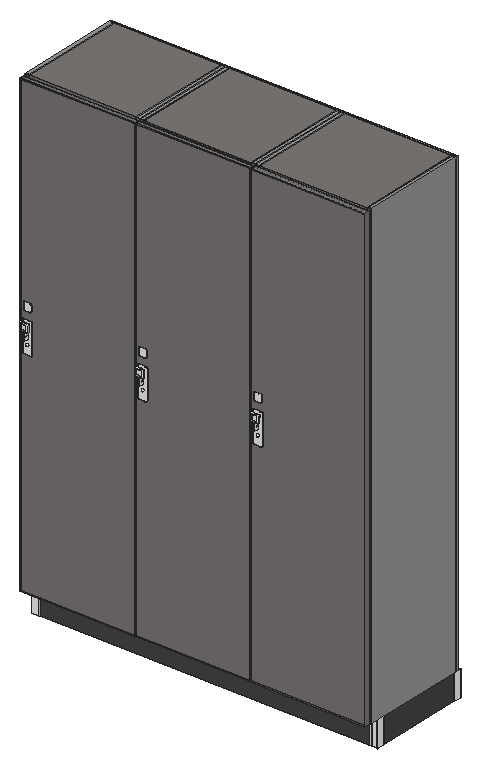
Revit family "Wood_Lockers_Hasps-Salsbury_Industries-18_41000_Series-3_Wide_Units.rfa", category Specialty Equipment, Revit 2016
Family settings
  Part Type = Normal
  Round Connector Dimension = Use Diameter
  OmniClass Number = 23.40.00.00
  OmniClass Title = Equipment and Furnishings
  Work Plane-Based = No
  Always vertical = Yes
  Cut with Voids When Loaded = No
  Shared = No
  Room Calculation Point = No
Parameters (values of type "18-41368")
  Width = 54.000"
  Version = "1.0 (01/31/24)"
  Unit Height including Sloping Hood Only [instance] = 78.868"
  Unit Height including Base Only [instance] = 76.000"
  URL = "www.lockers.com"
  Type Comments = "Premier Wood Lockers - Single Tier - with Hasps"
  Total Doors Height [instance] = if(Unit Height = 72.000", 71.750", if(Unit Height = 60.000", 59.750", 0.000"))  # 71.750"
  Sloping Top Corner Filler - Right Side [instance] = Wood Locker Sloping Corner Fillers : None
  Sloping Top Corner Filler - Left Side [instance] = Wood Locker Sloping Corner Fillers : None
  Sloping In-Line Filler - Right Side [instance] = Wood Locker Sloping In-Line Fillers : None
  Sloping In-Line Filler - Left Side = Wood Locker Sloping In-Line Fillers : None
  Sloping Hood Height = if(Depth = 15.000", 5.743", if(Depth = 18.000", 6.868", if(Depth = 21.000", 7.993", if(Depth = 24.000", 9.118", 0.000"))))  # 6.868"
  Sloping Hood [instance] = Wood Locker Sloping Hoods : None
  Side Panel without Slope - Right Side [instance] = Wood Locker Side Panels-No Slope : None
  Side Panel without Slope - Left Side [instance] = Wood Locker Side Panels-No Slope : None
  Side Panel with Slope - Right Side [instance] = Wood Locker Side Panels-With Slope : None
  Side Panel with Slope - Left Side [instance] = Wood Locker Side Panels-With Slope : None
  Secondary Structure Materials = Particle Board Industrial Grade - Salsbury Finish - Black Melamine Overlay
  Primary Structure Materials = Particle Board Industrial Grade - Salsbury Finish - Plain
  Overall Unit Height including Base and Sloping Hood [instance] = 82.868"
  OmniClass 23 Title = "Equipment and Furnishings"
  OmniClass 23 Number = "23.40.00.00"
  Model = "18-41368"
  MasterFormat Title = "Lockers"
  MasterFormat Code = "10 51 23"
  Manufacturer = "Salsbury Industries"
  Laminate Surface [instance] = Industrial Grade Particleboard with Wood Laminate - Salsbury Finish - Skyline Walnut
  Unit Height = 72.000"
  Interior Material = Textured Melamine - Salsbury Finish - White
  Individual Door Width [instance] = 17.875"
  Hardware = Aluminum - Salsbury Finish - Black Satin
  Front Vertical Filler - Right Side [instance] = Wood Locker Front Fillers : None
  Front Vertical Filler - Left Side [instance] = Wood Locker Front Fillers : None
  Front Corner Filler - Right Side [instance] = Wood Locker Front Corner Filler : None
  Front Corner Filler - Left Side [instance] = Wood Locker Front Corner Filler : None
  Flat Top In-Line Filler - Right Side [instance] = Wood Locker Flat In-Line Fillers : None
  Flat Top In-Line Filler - Left Side [instance] = Wood Locker Flat In-Line Fillers : None
  Flat Top Corner Filler - Right Side [instance] = Wood Locker Flat Corner Fillers : None
  Flat Top Corner Filler - Left Side [instance] = Wood Locker Flat Corner Fillers : None
  Fascia Filler [instance] = Wood Locker Fascia Fillers : None
  Double Side Panel without Slope - Right Side [instance] = Wood Locker Double Side Panels-No Slope : None
  Double Side Panel without Slope - Left Side [instance] = Wood Locker Double Side Panels-No Slope : None
  Double Side Panel with Slope - Right Side [instance] = Wood Locker Double Side Panels-With Slope : None
  Double Side Panel with Slope - Left Side [instance] = Wood Locker Double Side Panels-With Slope : None
  Door Location D1 = Premier Locker Doors_Hasp : Single Tier Door for Six Foot High Locker
  Description = "3 Wide - 6 Feet High - 18 inches Deep - with Base"
  Depth = 18.000"
  Compartment Width [instance] = 16.750"
  Compartment Height [instance] = if(Unit Height = 72.000", 70.500", if(Unit Height = 60.000", 58.500", 0.000"))  # 70.500"
  Compartment Depth [instance] = 16.750"
  Base Material [instance] = Particle Board Industrial Grade - Salsbury Finish - Black Melamine Overlay
  Base Height = 4.000"
  Base Depth [instance] = 16.250"
  Base = Wood Locker Bases : Base - 54" W x 18" D Lockers
  Assembly Code = "C1030310"
Reference planes (in)
  plane 1 "Center (Front/Back)": y = 0
  plane 2: z = 0
  plane 3 "Center (Left/Right)": x = 0
  plane 4 "Right Side of Unit": x = 27
  plane 5 "Left Side of Unit": x = -27
  plane 6 "Back of Unit": y = 9
  plane 7 "Front of Unit": y = -9
  plane 8 "Bottom of Base": z = 0
  plane 9 "Top Edge of Unit": z = 76
  plane 10 "Top of Base Edge": z = 4
  plane 11: z = 82.868
  plane 12 "Right Compartment 3 Edge": x = 26.406
  plane 13 "Left Compartment 1 Edge": x = -26.406
  plane 14 "Front Melamine Edge": y = -8
  plane 15 "Back Compartment Edge": y = 8.781
  plane 16 "Front Compartment Edge": y = -7.969
  plane 17 "Front Edge of Base": y = -6.625
  plane 18 "Bottom Edge of Door": z = 4.125
  plane 19 "Top Edge of Door": z = 75.875
  plane 20 "Bottom Compartment Edge": z = 4.75
  plane 21 "Top Compartment Edge": z = 75.25
  plane 22 "Center Top and Bottom": z = 40
  plane 23 "Left Melamine 1 Edge": x = -26.375
  plane 24 "Right Melamine 3 Edge": x = 26.375
  plane 25 "Back Melamine Edge": y = 8.75
  plane 26 "Left Edge of Door": x = -26.875
  plane 27: y = 9.625
  plane 28: y = -7.25
  plane 29 "Base / Ventillation Alignment": y = 9.625
  plane 30 "Compartment 1-2 Dividing Line": x = -9
  plane 31 "Compartment 2-3 Dividing Line": x = 9
  plane 32 "Right Compartment 1 Edge": x = -9.594
  plane 33 "Right Melamine 1 Edge": x = -9.625
  plane 34 "Left Compartment 2 Edge": x = -8.406
  plane 35 "Left Melamine 2 Edge": x = -8.375
  plane 36 "Right Compartment 2 Edge": x = 8.406
  plane 37 "Right Melamine 2 Edge": x = 8.375
  plane 38 "Left Compartment 3 Edge": x = 9.594
  plane 39 "Left Melamine 3 Edge": x = 9.625
  plane 40 "Compartment Shelf-top": z = 64.125
  plane 41 "Compartment Shelf-bottom": z = 63.375
  plane 42 "Compartment Extrusion Guide": z = 3.5
  plane 43 "Vertical Center of Compartment 1": x = -18
  plane 44 "Vertical Center of Compartment 3": x = 18
  plane 45: z = 75.281
  plane 46: z = 4.719
  plane 47: z = 63.406
  plane 48: z = 64.094
  plane 49 "Top of 5" Shelf": z = 58.875
  plane 50 "Bottom of 5" Shelf": z = 58.125
  plane 51 "Top of Shoe Shelf": z = 13.75
  plane 52 "Bottom of Shoe Shelf": z = 13
  plane 53 "Front of 5" Shelf": y = 3.75
  plane 54: y = 3.781
  plane 55: z = 58.844
  plane 56: z = 58.156
  plane 57: y = -2.969
  plane 58 "Front of Shoe Shelf": y = -3
Forms (in)
  Extrusion 1, solid, material "Particle Board Industrial Grade - Salsbury Finish - Plain" <- "Primary Structure Materials"
    sketch origin (27, 0, 0) x (0, -1, 0) y (0, 0, 1)
      loop
        line (7.969, 76) -> (-8.75, 76) -> (-8.75, 4) -> (7.969, 4) -> (7.969, 76)
    from 0 to 0.594
  Extrusion 2, solid, material "Particle Board Industrial Grade - Salsbury Finish - Plain" <- "Primary Structure Materials"
    sketch origin (-27, 0, 0) x (0, -1, 0) y (0, 0, 1)
      loop
        line (-8.75, 76) -> (-8.75, 4) -> (7.969, 4) -> (7.969, 76) -> (-8.75, 76)
    from 0 to -0.594
  Extrusion 3, solid, material "Particle Board Industrial Grade - Salsbury Finish - Black Melamine Overlay" <- "Secondary Structure Materials"
    sketch origin (0, 0, 4) x (0, -1, 0) y (1, 0, 0)
      loop
        line (-8.75, -26.375) -> (7.969, -26.375) -> (7.969, 26.375) -> (-8.75, 26.375) -> (-8.75, -26.375)
    from 0 to 0.719
  Extrusion 4, solid, material "Industrial Grade Particleboard with Wood Laminate - Salsbury Finish - Skyline Walnut" <- "Laminate Surface"
    sketch origin (0, 0, 76) x (0, -1, 0) y (1, 0, 0)
      loop
        line (-8.75, -26.375) -> (7.969, -26.375) -> (7.969, 26.375) -> (-8.75, 26.375) -> (-8.75, -26.375)
    from 0 to -0.75
  Extrusion 5, solid, material "Particle Board Industrial Grade - Salsbury Finish - Plain" <- "Primary Structure Materials"
    sketch origin (0, 9, 0) x (1, 0, 0) y (0, 0, 1)
      loop
        line (-27, 76) -> (-27, 4) -> (27, 4) -> (27, 76) -> (-27, 76)
    from 0 to 0.219
  Extrusion 6, solid, material "Industrial Grade Particleboard with Wood Laminate - Salsbury Finish - Skyline Walnut" <- "Laminate Surface"
    sketch origin (0, -7.969, 0) x (1, 0, 0) y (0, 0, 1)
      loop
        line (-27, 76) -> (-27, 4) -> (-26.375, 4) -> (-26.375, 76) -> (-27, 76)
    from 0 to 0.031
  Extrusion 7, solid, material "Industrial Grade Particleboard with Wood Laminate - Salsbury Finish - Skyline Walnut" <- "Laminate Surface"
    sketch origin (0, -7.969, 0) x (-1, 0, 0) y (0, 0, -1)
      loop
        line (-27, -76) -> (-26.375, -76) -> (-26.375, -4) -> (-27, -4) -> (-27, -76)
    from 0 to 0.031
  Extrusion 8, solid, material "Textured Melamine - Salsbury Finish - White" <- "Interior Material"
    sketch origin (0, 8.75, 0) x (1, 0, 0) y (0, 0, 1)
      loop
        line (-27, 76) -> (-27, 4) -> (27, 4) -> (27, 76) -> (-27, 76)
    from -0.031 to 0
  Extrusion 9, solid, material "Textured Melamine - Salsbury Finish - White" <- "Interior Material"
    sketch origin (-26.406, 0, 0) x (0, -1, 0) y (0, 0, 1)
      loop
        line (-8.75, 76) -> (-8.75, 4) -> (7.969, 4) -> (7.969, 76) -> (-8.75, 76)
    from 0 to -0.031
  Extrusion 10, solid, material "Textured Melamine - Salsbury Finish - White" <- "Interior Material"
    sketch origin (26.406, 0, 0) x (0, -1, 0) y (0, 0, 1)
      loop
        line (7.969, 76) -> (-8.75, 76) -> (-8.75, 4) -> (7.969, 4) -> (7.969, 76)
    from 0 to 0.031
  Extrusion 11, solid, material "Particle Board Industrial Grade - Salsbury Finish - Plain" <- "Primary Structure Materials", detail levels fine
    sketch origin (0, 0, 64.125) x (0, -1, 0) y (1, 0, 0)
      loop
        line (-8.75, -26.375) -> (7.969, -26.375) -> (7.969, 26.375) -> (-8.75, 26.375) -> (-8.75, -26.375)
    from -0.031 to -0.719
  Extrusion 12, void
    sketch origin (0, 0, 76) x (0, -1, 0) y (1, 0, 0)
      loop
        line (-8.75, -9.625) -> (8, -9.625) -> (8, -8.375) -> (-8.75, -8.375) -> (-8.75, -9.625)
    from -72.5 to 0
  Extrusion 13, void
    sketch origin (12, 0, 76) x (0, -1, 0) y (1, 0, 0)
      loop
        line (-8.75, -3.625) -> (8, -3.625) -> (8, -2.375) -> (-8.75, -2.375) -> (-8.75, -3.625)
    from -72.5 to 0
  Extrusion 14, solid, material "Particle Board Industrial Grade - Salsbury Finish - Plain" <- "Primary Structure Materials"
    sketch origin (6.0625, 0, 0) x (0, -1, 0) y (0, 0, 1)
      loop
        line (7.969, 76) -> (-8.75, 76) -> (-8.75, 4) -> (7.969, 4) -> (7.969, 76)
    from -2.9375 to -2.3435
  Extrusion 15, solid, material "Textured Melamine - Salsbury Finish - White" <- "Interior Material"
    sketch origin (5.4685, 0, 0) x (0, -1, 0) y (0, 0, 1)
      loop
        line (7.969, 76) -> (-8.75, 76) -> (-8.75, 4) -> (7.969, 4) -> (7.969, 76)
    from -2.9375 to -2.9065
  Extrusion 16, solid, material "Particle Board Industrial Grade - Salsbury Finish - Plain" <- "Primary Structure Materials"
    sketch origin (-5.9375, 0, 0) x (0, -1, 0) y (0, 0, 1)
      loop
        line (7.969, 76) -> (-8.75, 76) -> (-8.75, 4) -> (7.969, 4) -> (7.969, 76)
    from 3.0625 to 3.6565
  Extrusion 17, solid, material "Textured Melamine - Salsbury Finish - White" <- "Interior Material"
    sketch origin (-6.5315, 0, 0) x (0, -1, 0) y (0, 0, 1)
      loop
        line (7.969, 76) -> (-8.75, 76) -> (-8.75, 4) -> (7.969, 4) -> (7.969, 76)
    from 3.0625 to 3.0935
  Extrusion 18, solid, material "Particle Board Industrial Grade - Salsbury Finish - Plain" <- "Primary Structure Materials"
    sketch origin (-5.9375, 0, 0) x (0, -1, 0) y (0, 0, 1)
      loop
        line (-8.75, 76) -> (-8.75, 4) -> (7.969, 4) -> (7.969, 76) -> (-8.75, 76)
    from 3.0625 to 2.4685
  Extrusion 19, solid, material "Textured Melamine - Salsbury Finish - White" <- "Interior Material"
    sketch origin (-5.3435, 0, 0) x (0, -1, 0) y (0, 0, 1)
      loop
        line (-8.75, 76) -> (-8.75, 4) -> (7.969, 4) -> (7.969, 76) -> (-8.75, 76)
    from 3.0625 to 3.0315
  Extrusion 20, solid, material "Particle Board Industrial Grade - Salsbury Finish - Plain" <- "Primary Structure Materials"
    sketch origin (6.0625, 0, 0) x (0, -1, 0) y (0, 0, 1)
      loop
        line (-8.75, 76) -> (-8.75, 4) -> (7.969, 4) -> (7.969, 76) -> (-8.75, 76)
    from -2.9375 to -3.5315
  Extrusion 21, solid, material "Textured Melamine - Salsbury Finish - White" <- "Interior Material"
    sketch origin (6.6565, 0, 0) x (0, -1, 0) y (0, 0, 1)
      loop
        line (-8.75, 76) -> (-8.75, 4) -> (7.969, 4) -> (7.969, 76) -> (-8.75, 76)
    from -2.9375 to -2.9685
  Extrusion 22, solid, material "Industrial Grade Particleboard with Wood Laminate - Salsbury Finish - Skyline Walnut" <- "Laminate Surface"
    sketch origin (11.375, -7.969, 0) x (1, 0, 0) y (0, 0, 1)
      loop
        line (-21, 76) -> (-21, 4) -> (-19.75, 4) -> (-19.75, 76) -> (-21, 76)
    from 0 to 0.031
  Extrusion 23, solid, material "Industrial Grade Particleboard with Wood Laminate - Salsbury Finish - Skyline Walnut" <- "Laminate Surface"
    sketch origin (23.375, -7.969, 0) x (1, 0, 0) y (0, 0, 1)
      loop
        line (-15, 76) -> (-15, 4) -> (-13.75, 4) -> (-13.75, 76) -> (-15, 76)
    from 0 to 0.031
  Extrusion 24, solid, material "Industrial Grade Particleboard with Wood Laminate - Salsbury Finish - Skyline Walnut" <- "Laminate Surface"
    sketch origin (0, -8, 0) x (1, 0, 0) y (0, 0, 1)
      loop
        line (-26.375, 76) -> (-26.375, 75.25) -> (-9.625, 75.25) -> (-9.625, 76) -> (-26.375, 76)
      loop
        line (-8.375, 76) -> (-8.375, 75.25) -> (8.375, 75.25) -> (8.375, 76) -> (-8.375, 76)
      loop
        line (9.625, 76) -> (9.625, 75.25) -> (26.375, 75.25) -> (26.375, 76) -> (9.625, 76)
    from -0.031 to 0
  Extrusion 25, solid, material "Industrial Grade Particleboard with Wood Laminate - Salsbury Finish - Skyline Walnut" <- "Laminate Surface"
    sketch origin (0, -8, -11.875) x (1, 0, 0) y (0, 0, 1)
      loop
        line (-26.375, 76) -> (-26.375, 75.25) -> (-9.625, 75.25) -> (-9.625, 76) -> (-26.375, 76)
      loop
        line (-8.375, 76) -> (-8.375, 75.25) -> (8.375, 75.25) -> (8.375, 76) -> (-8.375, 76)
      loop
        line (9.625, 76) -> (9.625, 75.25) -> (26.375, 75.25) -> (26.375, 76) -> (9.625, 76)
    from -0.031 to 0
  Extrusion 26, solid, material "Industrial Grade Particleboard with Wood Laminate - Salsbury Finish - Skyline Walnut" <- "Laminate Surface"
    sketch origin (0, -8, -71.25) x (1, 0, 0) y (0, 0, 1)
      loop
        line (-26.375, 76) -> (-26.375, 75.25) -> (-9.625, 75.25) -> (-9.625, 76) -> (-26.375, 76)
      loop
        line (-8.375, 76) -> (-8.375, 75.25) -> (8.375, 75.25) -> (8.375, 76) -> (-8.375, 76)
      loop
        line (9.625, 76) -> (9.625, 75.25) -> (26.375, 75.25) -> (26.375, 76) -> (9.625, 76)
    from -0.031 to 0
  Extrusion 27, solid, material "Textured Melamine - Salsbury Finish - White" <- "Interior Material"
    sketch origin (0, 0, 4.75) x (0, -1, 0) y (1, 0, 0)
      loop
        line (-8.75, -26.375) -> (7.969, -26.375) -> (7.969, 26.375) -> (-8.75, 26.375) -> (-8.75, -26.375)
    from -0.031 to 0
  Extrusion 28, solid, material "Textured Melamine - Salsbury Finish - White" <- "Interior Material"
    sketch origin (0, 0, 64.125) x (0, -1, 0) y (1, 0, 0)
      loop
        line (-8.75, -26.375) -> (7.969, -26.375) -> (7.969, 26.375) -> (-8.75, 26.375) -> (-8.75, -26.375)
    from -0.031 to 0
  Extrusion 29, solid, material "Textured Melamine - Salsbury Finish - White" <- "Interior Material"
    sketch origin (0, 0, 63.375) x (0, -1, 0) y (1, 0, 0)
      loop
        line (-8.75, -26.375) -> (7.969, -26.375) -> (7.969, 26.375) -> (-8.75, 26.375) -> (-8.75, -26.375)
    from 0 to 0.031
  Extrusion 30, solid, material "Particle Board Industrial Grade - Salsbury Finish - Plain" <- "Primary Structure Materials", detail levels fine
    sketch origin (0, 0, 58.875) x (0, -1, 0) y (1, 0, 0)
      loop
        line (-8.75, -26.375) -> (-3.781, -26.375) -> (-3.781, 26.375) -> (-8.75, 26.375) -> (-8.75, -26.375)
    from -0.031 to -0.719
  Extrusion 31, solid, material "Industrial Grade Particleboard with Wood Laminate - Salsbury Finish - Skyline Walnut" <- "Laminate Surface"
    sketch origin (0, 3.75, 0) x (1, 0, 0) y (0, 0, 1)
      loop
        line (-26.375, 58.875) -> (-26.375, 58.125) -> (-9.625, 58.125) -> (-9.625, 58.875) -> (-26.375, 58.875)
      loop
        line (-8.375, 58.875) -> (-8.375, 58.125) -> (8.375, 58.125) -> (8.375, 58.875) -> (-8.375, 58.875)
      loop
        line (9.625, 58.875) -> (9.625, 58.125) -> (26.375, 58.125) -> (26.375, 58.875) -> (9.625, 58.875)
    from -0.031 to 0
  Extrusion 32, solid, material "Textured Melamine - Salsbury Finish - White" <- "Interior Material"
    sketch origin (0, 0, 58.875) x (0, -1, 0) y (1, 0, 0)
      loop
        line (-8.75, -26.375) -> (-3.781, -26.375) -> (-3.781, 26.375) -> (-8.75, 26.375) -> (-8.75, -26.375)
    from -0.031 to 0
  Extrusion 33, solid, material "Textured Melamine - Salsbury Finish - White" <- "Interior Material"
    sketch origin (0, 0, 58.125) x (0, -1, 0) y (1, 0, 0)
      loop
        line (-8.75, -26.375) -> (-3.781, -26.375) -> (-3.781, 26.375) -> (-8.75, 26.375) -> (-8.75, -26.375)
    from 0 to 0.031
  Extrusion 34, solid, material "Particle Board Industrial Grade - Salsbury Finish - Black Melamine Overlay" <- "Secondary Structure Materials", detail levels fine
    sketch origin (0, 0, 13.75) x (0, -1, 0) y (1, 0, 0)
      loop
        line (-8.75, -26.375) -> (2.969, -26.375) -> (2.969, 26.375) -> (-8.75, 26.375) -> (-8.75, -26.375)
    from -0.031 to -0.719
  Extrusion 35, solid, material "Industrial Grade Particleboard with Wood Laminate - Salsbury Finish - Skyline Walnut" <- "Laminate Surface"
    sketch origin (0, -3, 0) x (1, 0, 0) y (0, 0, 1)
      loop
        line (-26.375, 13.75) -> (-26.375, 13) -> (-9.625, 13) -> (-9.625, 13.75) -> (-26.375, 13.75)
      loop
        line (-8.375, 13.75) -> (-8.375, 13) -> (8.375, 13) -> (8.375, 13.75) -> (-8.375, 13.75)
      loop
        line (9.625, 13.75) -> (9.625, 13) -> (26.375, 13) -> (26.375, 13.75) -> (9.625, 13.75)
    from -0.031 to 0
  Extrusion 36, solid, material "Textured Melamine - Salsbury Finish - White" <- "Interior Material"
    sketch origin (0, 0, 13.75) x (0, -1, 0) y (1, 0, 0)
      loop
        line (-8.75, -26.375) -> (2.969, -26.375) -> (2.969, 26.375) -> (-8.75, 26.375) -> (-8.75, -26.375)
    from -0.031 to 0
  Extrusion 37, solid, material "Textured Melamine - Salsbury Finish - White" <- "Interior Material"
    sketch origin (0, 0, 13) x (0, -1, 0) y (1, 0, 0)
      loop
        line (-8.75, -26.375) -> (2.969, -26.375) -> (2.969, 26.375) -> (-8.75, 26.375) -> (-8.75, -26.375)
    from 0 to 0.031
Cuts and joins
  Extrusion 12, Extrusion 13 cuts Extrusion 4
  Extrusion 12, Extrusion 13 cuts Extrusion 11
  Extrusion 12, Extrusion 13 cuts Extrusion 3
  Extrusion 13 cuts Extrusion 8
Lines and regions (in)
  symbolic lines
    curve 1: line (-27, 8.75, 76) -> (27.00006, 8.75, 76)
    curve 2: line (-27, 8.75, 0) -> (-27, 8.75, 76)
    curve 3: line (27.00006, 8.75, 76) -> (27.00006, 8.75, 0)
    curve 4: line (26.406, -8, 76) -> (26.406, 9.625, 76)
    curve 5: line (26.406, -8, 0) -> (26.406, -8, 76)
    curve 6: line (26.406, 9.625, 76) -> (26.406, 9.625, 0)
    curve 7: line (27.00006, 8.75, 0) -> (-27, 8.75, 0)
    curve 8: line (26.406, -6.625, 0) -> (26.406, 9.625, 0)
    curve 9: line (26.406, 9.625, 0) -> (26.406, -6.625, 0)
    curve 10: line (26.406, -8, 0) -> (26.406, 9.625, 0)
    curve 11: line (-27, 9.625, 0) -> (27, 9.625, 0)
    curve 12: line (-27, -8, 0) -> (-27, 9.625, 0)
    curve 13: line (27, -8, 0) -> (-27, -8, 0)
    curve 14: line (27, 9.625, 0) -> (27, -8, 0)
Dimensions and locks (in)
  equal spacing: plane 5 "Left Side of Unit", plane 43 "Vertical Center of Compartment 1", plane 30 "Compartment 1-2 Dividing Line", plane 3 "Center (Left/Right)", plane 31 "Compartment 2-3 Dividing Line", plane 44 "Vertical Center of Compartment 3", plane 4 "Right Side of Unit"
  "Width": plane 5 "Left Side of Unit" to plane 4 "Right Side of Unit"
  equal spacing: plane 7 "Front of Unit", plane 1 "Center (Front/Back)", plane 6 "Back of Unit"
  "Depth": plane 7 "Front of Unit" to plane 6 "Back of Unit"
  "Base Height": plane 10 "Top of Base Edge" to plane 8 "Bottom of Base"
  "Unit Height": plane 9 "Top Edge of Unit" to plane 10 "Top of Base Edge"
  "Sloping Hood Height": plane 11 to plane 9 "Top Edge of Unit"
  locked: plane 12 "Right Compartment 3 Edge" to plane 4 "Right Side of Unit" at 0.594
  locked: plane 5 "Left Side of Unit" to plane 13 "Left Compartment 1 Edge" at 0.594
  locked: plane 7 "Front of Unit" to plane 14 "Front Melamine Edge" at 1
  locked: plane 15 "Back Compartment Edge" to plane 6 "Back of Unit" at 0.219
  locked: plane 14 "Front Melamine Edge" to plane 16 "Front Compartment Edge" at 0.031
  plane 18 "Bottom Edge of Door" to plane 10 "Top of Base Edge" = 0.125"
  plane 9 "Top Edge of Unit" to plane 19 "Top Edge of Door" = 0.125"
  plane 20 "Bottom Compartment Edge" to plane 10 "Top of Base Edge" = 0.750"
  plane 9 "Top Edge of Unit" to plane 21 "Top Compartment Edge" = 0.750"
  equal spacing: plane 9 "Top Edge of Unit", plane 22 "Center Top and Bottom", plane 10 "Top of Base Edge"
  locked: plane 24 "Right Melamine 3 Edge" to plane 12 "Right Compartment 3 Edge" at 0.031
  locked: plane 13 "Left Compartment 1 Edge" to plane 23 "Left Melamine 1 Edge" at 0.031
  locked: plane 25 "Back Melamine Edge" to plane 15 "Back Compartment Edge" at 0.031
  locked: plane 5 "Left Side of Unit" to plane 26 "Left Edge of Door" at 0.125
  "Individual Door Width": plane 26 "Left Edge of Door" to plane 30 "Compartment 1-2 Dividing Line"
  "Total Doors Height": plane 19 "Top Edge of Door" to plane 18 "Bottom Edge of Door"
  "Unit Height including Base Only": plane 9 "Top Edge of Unit" to plane 8 "Bottom of Base"
  "Unit Height including Sloping Hood Only": plane 11 to plane 10 "Top of Base Edge"
  "Overall Unit Height including Base and Sloping Hood": plane 11 to plane 8 "Bottom of Base"
  locked: plane 7 "Front of Unit" to plane 17 "Front Edge of Base" at 2.375
  locked: plane 6 "Back of Unit" to plane 27 at 0.625
  "Base Depth": plane 17 "Front Edge of Base" to plane 27
  "Compartment Width": plane 23 "Left Melamine 1 Edge" to plane 33 "Right Melamine 1 Edge"
  "Compartment Height": plane 21 "Top Compartment Edge" to plane 20 "Bottom Compartment Edge"
  "Compartment Depth": plane 14 "Front Melamine Edge" to plane 25 "Back Melamine Edge"
  locked: plane 14 "Front Melamine Edge" to plane 28 at 0.75
  plane 14 "Front Melamine Edge" to plane 27 = 17.625"
  Extrusion 2 to Extrusion 9 = 16.719"
  plane 6 "Back of Unit" to plane 29 "Base / Ventillation Alignment" = 0.625"
  plane 32 "Right Compartment 1 Edge" to plane 30 "Compartment 1-2 Dividing Line" to plane 34 "Left Compartment 2 Edge" = 0.594" locked, 0.594" locked
  plane 36 "Right Compartment 2 Edge" to plane 31 "Compartment 2-3 Dividing Line" to plane 38 "Left Compartment 3 Edge" = 0.594" locked, 0.594" locked
  locked: plane 37 "Right Melamine 2 Edge" to plane 36 "Right Compartment 2 Edge" at 0.031
  locked: plane 38 "Left Compartment 3 Edge" to plane 39 "Left Melamine 3 Edge" at 0.031
  locked: plane 34 "Left Compartment 2 Edge" to plane 35 "Left Melamine 2 Edge" at 0.031
  plane 33 "Right Melamine 1 Edge" to plane 32 "Right Compartment 1 Edge" = 0.031"
  locked: plane 21 "Top Compartment Edge" to plane 40 "Compartment Shelf-top" at 11.125
  locked: plane 40 "Compartment Shelf-top" to plane 41 "Compartment Shelf-bottom" at 0.75
  locked: plane 10 "Top of Base Edge" to plane 42 "Compartment Extrusion Guide" at 0.5
  plane 45 to plane 21 "Top Compartment Edge" = 0.031"
  locked: plane 20 "Bottom Compartment Edge" to plane 46 at 0.031
  plane 40 "Compartment Shelf-top" to plane 48 = 0.031"
  locked: plane 47 to plane 41 "Compartment Shelf-bottom" at 0.031
  locked: plane 41 "Compartment Shelf-bottom" to plane 49 "Top of 5" Shelf" at 4.5
  locked: plane 49 "Top of 5" Shelf" to plane 50 "Bottom of 5" Shelf" at 0.75
  locked: plane 53 "Front of 5" Shelf" to plane 25 "Back Melamine Edge" at 5
  locked: plane 53 "Front of 5" Shelf" to plane 54 at 0.031
  locked: plane 49 "Top of 5" Shelf" to plane 55 at 0.031
  locked: plane 56 to plane 50 "Bottom of 5" Shelf" at 0.031
  locked: plane 58 "Front of Shoe Shelf" to plane 25 "Back Melamine Edge" at 11.75
  locked: plane 58 "Front of Shoe Shelf" to plane 57 at 0.031
  plane 51 "Top of Shoe Shelf" to plane 52 "Bottom of Shoe Shelf" = 0.750"
  locked: plane 52 "Bottom of Shoe Shelf" to plane 20 "Bottom Compartment Edge" at 8.25
  aligned and locked: level to plane 2
  aligned and locked: Extrusion 5 to plane 15 "Back Compartment Edge"
  aligned and locked: plane 4 "Right Side of Unit" to nested 1
  aligned and locked: plane 18 "Bottom Edge of Door" to nested 1
  aligned and locked: plane 7 "Front of Unit" to nested 1
  aligned and locked: plane 9 "Top Edge of Unit" to nested 2
  aligned and locked: plane 28 to nested 2
  aligned and locked: plane 28 to nested 3
  aligned and locked: plane 5 "Left Side of Unit" to nested 3
  aligned and locked: plane 4 "Right Side of Unit" to nested 2
  aligned and locked: plane 9 "Top Edge of Unit" to nested 3
  aligned and locked: plane 14 "Front Melamine Edge" to nested 4
  aligned and locked: plane 4 "Right Side of Unit" to nested 4
  aligned and locked: plane 14 "Front Melamine Edge" to nested 5
  aligned and locked: plane 5 "Left Side of Unit" to nested 5
  aligned and locked: nested 4 to plane 8 "Bottom of Base"
  aligned and locked: nested 5 to plane 8 "Bottom of Base"
  aligned and locked: nested 6 to plane 5 "Left Side of Unit"
  aligned and locked: nested 7 to plane 4 "Right Side of Unit"
  aligned and locked: nested 7 to plane 14 "Front Melamine Edge"
  aligned and locked: nested 6 to plane 14 "Front Melamine Edge"
  aligned and locked: plane 8 "Bottom of Base" to nested 7
  aligned and locked: plane 8 "Bottom of Base" to nested 6
  aligned and locked: nested 8 to plane 17 "Front Edge of Base"
  aligned and locked: nested 10 to plane 9 "Top Edge of Unit"
  aligned and locked: plane 4 "Right Side of Unit" to nested 10
  aligned and locked: nested 9 to plane 9 "Top Edge of Unit"
  aligned and locked: plane 5 "Left Side of Unit" to nested 9
  aligned and locked: nested 10 to plane 28
  aligned and locked: nested 9 to plane 28
  aligned and locked: nested 8 to plane 8 "Bottom of Base"
  aligned and locked: plane 3 "Center (Left/Right)" to nested 8
  aligned and locked: Extrusion 3 sketch curve to plane 25 "Back Melamine Edge"
  aligned and locked: Extrusion 3 sketch curve to plane 23 "Left Melamine 1 Edge"
  aligned and locked: plane 24 "Right Melamine 3 Edge" to Extrusion 3 sketch curve
  aligned and locked: Extrusion 4 sketch curve to plane 25 "Back Melamine Edge"
  aligned and locked: plane 24 "Right Melamine 3 Edge" to Extrusion 4 sketch curve
  aligned and locked: Extrusion 4 sketch curve to plane 23 "Left Melamine 1 Edge"
  aligned and locked: Extrusion 2 sketch curve to plane 9 "Top Edge of Unit"
  aligned and locked: plane 16 "Front Compartment Edge" to Extrusion 2 sketch curve
  aligned and locked: Extrusion 2 sketch curve to plane 25 "Back Melamine Edge"
  aligned and locked: plane 10 "Top of Base Edge" to Extrusion 2 sketch curve
  aligned and locked: Extrusion 2 to plane 13 "Left Compartment 1 Edge"
  aligned and locked: plane 5 "Left Side of Unit" to Extrusion 2
  aligned and locked: plane 10 "Top of Base Edge" to Extrusion 9 sketch curve
  aligned and locked: Extrusion 9 sketch curve to plane 25 "Back Melamine Edge"
  aligned and locked: Extrusion 9 sketch curve to plane 9 "Top Edge of Unit"
  aligned and locked: Extrusion 1 sketch curve to plane 16 "Front Compartment Edge"
  aligned and locked: plane 9 "Top Edge of Unit" to Extrusion 1 sketch curve
  aligned and locked: Extrusion 1 sketch curve to plane 10 "Top of Base Edge"
  aligned and locked: plane 25 "Back Melamine Edge" to Extrusion 1 sketch curve
  aligned and locked: Extrusion 1 to plane 4 "Right Side of Unit"
  aligned and locked: plane 12 "Right Compartment 3 Edge" to Extrusion 1
  aligned and locked: Extrusion 10 sketch curve to plane 10 "Top of Base Edge"
  aligned and locked: plane 25 "Back Melamine Edge" to Extrusion 10 sketch curve
  aligned and locked: Extrusion 10 sketch curve to plane 16 "Front Compartment Edge"
  aligned and locked: plane 9 "Top Edge of Unit" to Extrusion 10 sketch curve
  aligned and locked: Extrusion 10 to plane 12 "Right Compartment 3 Edge"
  aligned and locked: plane 24 "Right Melamine 3 Edge" to Extrusion 10
  aligned and locked: Extrusion 8 sketch curve to plane 10 "Top of Base Edge"
  aligned and locked: plane 4 "Right Side of Unit" to Extrusion 8 sketch curve
  aligned and locked: Extrusion 8 sketch curve to plane 9 "Top Edge of Unit"
  aligned and locked: Extrusion 8 sketch curve to plane 5 "Left Side of Unit"
  aligned and locked: Extrusion 8 to plane 15 "Back Compartment Edge"
  aligned and locked: Extrusion 8 to plane 25 "Back Melamine Edge"
  aligned and locked: Extrusion 5 sketch curve to plane 9 "Top Edge of Unit"
  aligned and locked: Extrusion 5 sketch curve to plane 5 "Left Side of Unit"
  aligned and locked: Extrusion 5 sketch curve to plane 10 "Top of Base Edge"
  aligned and locked: plane 4 "Right Side of Unit" to Extrusion 5 sketch curve
  aligned and locked: Extrusion 7 sketch curve to plane 9 "Top Edge of Unit"
  aligned and locked: Extrusion 7 sketch curve to plane 4 "Right Side of Unit"
  aligned and locked: plane 24 "Right Melamine 3 Edge" to Extrusion 7 sketch curve
  aligned and locked: plane 10 "Top of Base Edge" to Extrusion 7 sketch curve
  aligned and locked: Extrusion 7 to plane 16 "Front Compartment Edge"
  aligned and locked: plane 14 "Front Melamine Edge" to Extrusion 7
  aligned and locked: plane 10 "Top of Base Edge" to Extrusion 6 sketch curve
  aligned and locked: plane 23 "Left Melamine 1 Edge" to Extrusion 6 sketch curve
  aligned and locked: Extrusion 6 sketch curve to plane 5 "Left Side of Unit"
  aligned and locked: Extrusion 6 sketch curve to plane 9 "Top Edge of Unit"
  aligned and locked: plane 16 "Front Compartment Edge" to Extrusion 6
  aligned and locked: Extrusion 6 to plane 14 "Front Melamine Edge"
  aligned and locked: Extrusion 9 to plane 16 "Front Compartment Edge"
  aligned and locked: plane 13 "Left Compartment 1 Edge" to Extrusion 9
  aligned and locked: curve 2 to nested 5
  aligned and locked: nested 4 to curve 5
  aligned and locked: curve 9 to nested 8
  aligned and locked: curve 10 to nested 4
  aligned and locked: curve 13 to plane 14 "Front Melamine Edge"
  aligned and locked: curve 12 to plane 5 "Left Side of Unit"
  aligned and locked: curve 11 to plane 29 "Base / Ventillation Alignment"
  aligned and locked: plane 29 "Base / Ventillation Alignment" to curve 6
  aligned and locked: plane 14 "Front Melamine Edge" to nested 11
  aligned and locked: plane 9 "Top Edge of Unit" to nested 11
  aligned and locked: plane 3 "Center (Left/Right)" to nested 11
  aligned and locked: Extrusion 11 sketch curve to plane 25 "Back Melamine Edge"
  aligned and locked: Extrusion 11 sketch curve to plane 23 "Left Melamine 1 Edge"
  aligned and locked: plane 24 "Right Melamine 3 Edge" to Extrusion 11 sketch curve
  aligned and locked: Extrusion 12 sketch curve to plane 25 "Back Melamine Edge"
  aligned and locked: plane 33 "Right Melamine 1 Edge" to Extrusion 12 sketch curve
  aligned and locked: plane 14 "Front Melamine Edge" to Extrusion 12 sketch curve
  aligned and locked: Extrusion 12 sketch curve to plane 35 "Left Melamine 2 Edge"
  aligned and locked: Extrusion 12 to plane 9 "Top Edge of Unit"
  aligned and locked: plane 42 "Compartment Extrusion Guide" to Extrusion 12
  aligned and locked: Extrusion 13 sketch curve to plane 37 "Right Melamine 2 Edge"
  aligned and locked: plane 39 "Left Melamine 3 Edge" to Extrusion 13 sketch curve
  aligned and locked: plane 25 "Back Melamine Edge" to Extrusion 13 sketch curve
  aligned and locked: Extrusion 13 sketch curve to plane 14 "Front Melamine Edge"
  aligned and locked: plane 42 "Compartment Extrusion Guide" to Extrusion 13
  aligned and locked: Extrusion 13 to plane 9 "Top Edge of Unit"
  aligned and locked: plane 9 "Top Edge of Unit" to Extrusion 14 sketch curve
  aligned and locked: plane 25 "Back Melamine Edge" to Extrusion 14 sketch curve
  aligned and locked: Extrusion 14 sketch curve to plane 10 "Top of Base Edge"
  aligned and locked: Extrusion 14 sketch curve to plane 16 "Front Compartment Edge"
  aligned and locked: plane 36 "Right Compartment 2 Edge" to Extrusion 14
  aligned and locked: Extrusion 14 to plane 31 "Compartment 2-3 Dividing Line"
  aligned and locked: plane 25 "Back Melamine Edge" to Extrusion 15 sketch curve
  aligned and locked: plane 9 "Top Edge of Unit" to Extrusion 15 sketch curve
  aligned and locked: Extrusion 15 sketch curve to plane 10 "Top of Base Edge"
  aligned and locked: Extrusion 15 sketch curve to plane 16 "Front Compartment Edge"
  aligned and locked: Extrusion 15 to plane 36 "Right Compartment 2 Edge"
  aligned and locked: plane 37 "Right Melamine 2 Edge" to Extrusion 15
  aligned and locked: plane 25 "Back Melamine Edge" to Extrusion 16 sketch curve
  aligned and locked: plane 9 "Top Edge of Unit" to Extrusion 16 sketch curve
  aligned and locked: Extrusion 16 sketch curve to plane 10 "Top of Base Edge"
  aligned and locked: Extrusion 16 sketch curve to plane 16 "Front Compartment Edge"
  aligned and locked: plane 32 "Right Compartment 1 Edge" to Extrusion 16
  aligned and locked: Extrusion 16 to plane 30 "Compartment 1-2 Dividing Line"
  aligned and locked: plane 25 "Back Melamine Edge" to Extrusion 17 sketch curve
  aligned and locked: plane 9 "Top Edge of Unit" to Extrusion 17 sketch curve
  aligned and locked: Extrusion 17 sketch curve to plane 10 "Top of Base Edge"
  aligned and locked: Extrusion 17 sketch curve to plane 16 "Front Compartment Edge"
  aligned and locked: Extrusion 17 to plane 32 "Right Compartment 1 Edge"
  aligned and locked: plane 33 "Right Melamine 1 Edge" to Extrusion 17
  aligned and locked: plane 10 "Top of Base Edge" to Extrusion 18 sketch curve
  aligned and locked: plane 16 "Front Compartment Edge" to Extrusion 18 sketch curve
  aligned and locked: Extrusion 18 sketch curve to plane 25 "Back Melamine Edge"
  aligned and locked: Extrusion 18 sketch curve to plane 9 "Top Edge of Unit"
  aligned and locked: Extrusion 18 to plane 34 "Left Compartment 2 Edge"
  aligned and locked: plane 30 "Compartment 1-2 Dividing Line" to Extrusion 18
  aligned and locked: Extrusion 19 sketch curve to plane 25 "Back Melamine Edge"
  aligned and locked: Extrusion 19 sketch curve to plane 9 "Top Edge of Unit"
  aligned and locked: plane 10 "Top of Base Edge" to Extrusion 19 sketch curve
  aligned and locked: plane 16 "Front Compartment Edge" to Extrusion 19 sketch curve
  aligned and locked: Extrusion 19 to plane 35 "Left Melamine 2 Edge"
  aligned and locked: plane 34 "Left Compartment 2 Edge" to Extrusion 19
  aligned and locked: plane 16 "Front Compartment Edge" to Extrusion 20 sketch curve
  aligned and locked: plane 10 "Top of Base Edge" to Extrusion 20 sketch curve
  aligned and locked: Extrusion 20 sketch curve to plane 9 "Top Edge of Unit"
  aligned and locked: Extrusion 20 sketch curve to plane 25 "Back Melamine Edge"
  aligned and locked: plane 31 "Compartment 2-3 Dividing Line" to Extrusion 20
  aligned and locked: Extrusion 20 to plane 38 "Left Compartment 3 Edge"
  aligned and locked: Extrusion 21 sketch curve to plane 25 "Back Melamine Edge"
  aligned and locked: Extrusion 21 sketch curve to plane 9 "Top Edge of Unit"
  aligned and locked: plane 10 "Top of Base Edge" to Extrusion 21 sketch curve
  aligned and locked: plane 16 "Front Compartment Edge" to Extrusion 21 sketch curve
  aligned and locked: Extrusion 21 to plane 39 "Left Melamine 3 Edge"
  aligned and locked: plane 38 "Left Compartment 3 Edge" to Extrusion 21
  aligned and locked: plane 31 "Compartment 2-3 Dividing Line" to nested 12
  aligned and locked: plane 30 "Compartment 1-2 Dividing Line" to nested 13
  aligned and locked: plane 18 "Bottom Edge of Door" to nested 12
  aligned and locked: nested 13 to plane 18 "Bottom Edge of Door"
  aligned and locked: plane 7 "Front of Unit" to nested 12
  aligned and locked: nested 13 to plane 7 "Front of Unit"
  aligned and locked: Extrusion 22 sketch curve to plane 33 "Right Melamine 1 Edge"
  aligned and locked: plane 9 "Top Edge of Unit" to Extrusion 22 sketch curve
  aligned and locked: plane 35 "Left Melamine 2 Edge" to Extrusion 22 sketch curve
  aligned and locked: Extrusion 22 sketch curve to plane 10 "Top of Base Edge"
  aligned and locked: Extrusion 22 to plane 16 "Front Compartment Edge"
  aligned and locked: plane 14 "Front Melamine Edge" to Extrusion 22
  aligned and locked: plane 9 "Top Edge of Unit" to Extrusion 23 sketch curve
  aligned and locked: Extrusion 23 sketch curve to plane 37 "Right Melamine 2 Edge"
  aligned and locked: plane 39 "Left Melamine 3 Edge" to Extrusion 23 sketch curve
  aligned and locked: Extrusion 23 sketch curve to plane 10 "Top of Base Edge"
  aligned and locked: Extrusion 23 to plane 16 "Front Compartment Edge"
  aligned and locked: plane 14 "Front Melamine Edge" to Extrusion 23
  aligned and locked: Extrusion 4 to plane 16 "Front Compartment Edge"
  aligned and locked: Extrusion 11 to plane 16 "Front Compartment Edge"
  aligned and locked: Extrusion 3 to plane 16 "Front Compartment Edge"
  aligned and locked: Extrusion 24 sketch curve to cut or joined group of Extrusion 4, Extrusion 12, Extrusion 13  (x5)
  aligned and locked: Extrusion 24 sketch curve to plane 23 "Left Melamine 1 Edge"
  aligned and locked: Extrusion 24 sketch curve to plane 35 "Left Melamine 2 Edge"
  aligned and locked: plane 9 "Top Edge of Unit" to Extrusion 24 sketch curve
  aligned and locked: Extrusion 24 sketch curve to plane 39 "Left Melamine 3 Edge"
  aligned and locked: Extrusion 24 to plane 16 "Front Compartment Edge"
  aligned and locked: Extrusion 24 to plane 14 "Front Melamine Edge"
  aligned and locked: Extrusion 25 sketch curve to plane 23 "Left Melamine 1 Edge"
  aligned and locked: Extrusion 25 sketch curve to plane 40 "Compartment Shelf-top"
  aligned and locked: Extrusion 25 sketch curve to plane 41 "Compartment Shelf-bottom"  (x3)
  aligned and locked: plane 33 "Right Melamine 1 Edge" to Extrusion 25 sketch curve
  aligned and locked: Extrusion 25 sketch curve to plane 35 "Left Melamine 2 Edge"
  aligned and locked: plane 40 "Compartment Shelf-top" to Extrusion 25 sketch curve  (x2)
  aligned and locked: plane 37 "Right Melamine 2 Edge" to Extrusion 25 sketch curve
  aligned and locked: Extrusion 25 sketch curve to plane 39 "Left Melamine 3 Edge"
  aligned and locked: plane 24 "Right Melamine 3 Edge" to Extrusion 25 sketch curve
  aligned and locked: Extrusion 26 sketch curve to plane 23 "Left Melamine 1 Edge"
  aligned and locked: Extrusion 26 sketch curve to plane 20 "Bottom Compartment Edge"
  aligned and locked: Extrusion 26 sketch curve to plane 10 "Top of Base Edge"  (x3)
  aligned and locked: plane 33 "Right Melamine 1 Edge" to Extrusion 26 sketch curve
  aligned and locked: Extrusion 26 sketch curve to plane 35 "Left Melamine 2 Edge"
  aligned and locked: plane 20 "Bottom Compartment Edge" to Extrusion 26 sketch curve  (x2)
  aligned and locked: plane 37 "Right Melamine 2 Edge" to Extrusion 26 sketch curve
  aligned and locked: plane 24 "Right Melamine 3 Edge" to Extrusion 26 sketch curve
  aligned and locked: Extrusion 24 sketch curve to plane 21 "Top Compartment Edge"
  aligned and locked: Extrusion 27 sketch curve to cut or joined group of Extrusion 4, Extrusion 12, Extrusion 13  (x2)
  aligned and locked: Extrusion 27 sketch curve to Extrusion 9
  aligned and locked: Extrusion 27 sketch curve to Extrusion 10
  aligned and locked: Extrusion 27 to plane 46
  aligned and locked: Extrusion 27 to plane 20 "Bottom Compartment Edge"
  aligned and locked: Extrusion 3 to plane 46
  aligned and locked: Extrusion 28 sketch curve to cut or joined group of Extrusion 4, Extrusion 12, Extrusion 13
  aligned and locked: Extrusion 28 sketch curve to Extrusion 10
  aligned and locked: Extrusion 28 sketch curve to plane 25 "Back Melamine Edge"
  aligned and locked: Extrusion 28 sketch curve to plane 23 "Left Melamine 1 Edge"
  aligned and locked: Extrusion 28 to plane 48
  aligned and locked: Extrusion 28 to plane 40 "Compartment Shelf-top"
  aligned and locked: Extrusion 11 to plane 48
  aligned and locked: Extrusion 11 to plane 47
  aligned and locked: Extrusion 29 sketch curve to cut or joined group of Extrusion 4, Extrusion 12, Extrusion 13  (x2)
  aligned and locked: Extrusion 29 sketch curve to Extrusion 9
  aligned and locked: Extrusion 29 sketch curve to Extrusion 10
  aligned and locked: Extrusion 29 to plane 41 "Compartment Shelf-bottom"
  aligned and locked: Extrusion 29 to cut or joined group of Extrusion 11, Extrusion 12, Extrusion 13
  aligned and locked: Extrusion 33 to plane 54
  aligned and locked: Extrusion 33 to Extrusion 32
  aligned and locked: Extrusion 32 to Extrusion 30
  aligned and locked: Extrusion 31 to Extrusion 30
  aligned and locked: Extrusion 31 to plane 53 "Front of 5" Shelf"
  aligned and locked: Extrusion 31 sketch curve to plane 49 "Top of 5" Shelf"
  aligned and locked: Extrusion 31 sketch curve to plane 23 "Left Melamine 1 Edge"
  aligned and locked: Extrusion 31 sketch curve to plane 50 "Bottom of 5" Shelf"
  aligned and locked: plane 24 "Right Melamine 3 Edge" to Extrusion 31 sketch curve
  aligned and locked: Extrusion 32 to plane 25 "Back Melamine Edge"
  aligned and locked: plane 23 "Left Melamine 1 Edge" to Extrusion 32
  aligned and locked: Extrusion 32 to plane 24 "Right Melamine 3 Edge"
  aligned and locked: Extrusion 30 to plane 24 "Right Melamine 3 Edge"
  aligned and locked: Extrusion 30 to plane 25 "Back Melamine Edge"
  aligned and locked: plane 23 "Left Melamine 1 Edge" to Extrusion 30
  aligned and locked: plane 23 "Left Melamine 1 Edge" to Extrusion 33
  aligned and locked: Extrusion 33 to plane 25 "Back Melamine Edge"
  aligned and locked: Extrusion 33 to plane 24 "Right Melamine 3 Edge"
  aligned and locked: Extrusion 36 to plane 25 "Back Melamine Edge"
  aligned and locked: plane 23 "Left Melamine 1 Edge" to Extrusion 36
  aligned and locked: Extrusion 36 to plane 24 "Right Melamine 3 Edge"
  aligned and locked: Extrusion 36 to plane 57
  aligned and locked: Extrusion 34 to Extrusion 36
  aligned and locked: Extrusion 34 to Extrusion 37
  aligned and locked: Extrusion 37 to plane 24 "Right Melamine 3 Edge"
  aligned and locked: Extrusion 37 to plane 25 "Back Melamine Edge"
  aligned and locked: plane 23 "Left Melamine 1 Edge" to Extrusion 37
  aligned and locked: plane 23 "Left Melamine 1 Edge" to Extrusion 34
  aligned and locked: Extrusion 34 to plane 25 "Back Melamine Edge"
  aligned and locked: Extrusion 34 to plane 24 "Right Melamine 3 Edge"
  aligned and locked: Extrusion 35 to plane 58 "Front of Shoe Shelf"
  aligned and locked: Extrusion 35 to Extrusion 34
  aligned and locked: Extrusion 35 sketch curve to plane 51 "Top of Shoe Shelf"
  aligned and locked: Extrusion 35 sketch curve to plane 52 "Bottom of Shoe Shelf"
  aligned and locked: Extrusion 35 sketch curve to plane 23 "Left Melamine 1 Edge"
  aligned and locked: plane 24 "Right Melamine 3 Edge" to Extrusion 35 sketch curve
  aligned and locked: plane 14 "Front Melamine Edge" to nested 14
  aligned and locked: plane 3 "Center (Left/Right)" to nested 14
  aligned and locked: plane 9 "Top Edge of Unit" to nested 14
  aligned and locked: plane 5 "Left Side of Unit" to nested 15
  aligned and locked: nested 15 to plane 10 "Top of Base Edge"
  aligned and locked: plane 14 "Front Melamine Edge" to nested 15
  aligned and locked: nested 16 to plane 10 "Top of Base Edge"
  aligned and locked: plane 4 "Right Side of Unit" to nested 16
  aligned and locked: plane 14 "Front Melamine Edge" to nested 16
  aligned and locked: plane 5 "Left Side of Unit" to nested 17
  aligned and locked: nested 17 to plane 10 "Top of Base Edge"
  aligned and locked: plane 14 "Front Melamine Edge" to nested 17
  aligned and locked: nested 18 to plane 10 "Top of Base Edge"
  aligned and locked: plane 4 "Right Side of Unit" to nested 18
  aligned and locked: plane 14 "Front Melamine Edge" to nested 18
  aligned and locked: plane 5 "Left Side of Unit" to nested 19
  aligned and locked: nested 19 to plane 10 "Top of Base Edge"
  aligned and locked: plane 14 "Front Melamine Edge" to nested 19
  aligned and locked: plane 4 "Right Side of Unit" to nested 20
  aligned and locked: nested 20 to plane 10 "Top of Base Edge"
  aligned and locked: plane 14 "Front Melamine Edge" to nested 20
  aligned and locked: plane 5 "Left Side of Unit" to nested 21
  aligned and locked: nested 21 to plane 10 "Top of Base Edge"
  aligned and locked: plane 14 "Front Melamine Edge" to nested 21
  aligned and locked: plane 4 "Right Side of Unit" to nested 22
  aligned and locked: nested 22 to plane 10 "Top of Base Edge"
  aligned and locked: plane 14 "Front Melamine Edge" to nested 22
  aligned and locked: plane 5 "Left Side of Unit" to nested 23
  aligned and locked: nested 23 to plane 9 "Top Edge of Unit"
  aligned and locked: plane 4 "Right Side of Unit" to nested 24
  aligned and locked: nested 24 to plane 9 "Top Edge of Unit"
  aligned and locked: nested 24 to plane 14 "Front Melamine Edge"
  aligned and locked: plane 5 "Left Side of Unit" to nested 25
  aligned and locked: nested 25 to plane 9 "Top Edge of Unit"
  aligned and locked: nested 25 to plane 14 "Front Melamine Edge"
  aligned and locked: nested 26 to plane 9 "Top Edge of Unit"
  aligned and locked: plane 4 "Right Side of Unit" to nested 26
  aligned and locked: nested 26 to plane 14 "Front Melamine Edge"
  aligned and locked: nested 23 to plane 14 "Front Melamine Edge"
  aligned and locked: Extrusion 4 to plane 21 "Top Compartment Edge"
Automatic sketch dimensions
  plane 16 "Front Compartment Edge" to Extrusion 3 sketch curve = 0.000"
  plane 16 "Front Compartment Edge" to Extrusion 4 sketch curve = 0.000"
  Extrusion 9 sketch curve to plane 16 "Front Compartment Edge" = 0.000"
  curve 3 to level = 0.000"
  curve 3 to plane 4 "Right Side of Unit" = 0.00006"
  curve 8 to plane 17 "Front Edge of Base" = 0.000"
  curve 9 to plane 17 "Front Edge of Base" = 0.000"
  plane 9 "Top Edge of Unit" to curve 5 = 0.000"
  curve 13 to plane 4 "Right Side of Unit" = 0.000"
  plane 16 "Front Compartment Edge" to Extrusion 11 sketch curve = 0.000"
  Extrusion 24 sketch curve to plane 21 "Top Compartment Edge" = 0.000"  (x2)
  plane 39 "Left Melamine 3 Edge" to Extrusion 26 sketch curve = 0.000"
  plane 24 "Right Melamine 3 Edge" to Extrusion 30 sketch curve = 0.000"
  plane 25 "Back Melamine Edge" to Extrusion 30 sketch curve = 0.000"
  Extrusion 30 sketch curve to plane 16 "Front Compartment Edge" = 11.750"
  Extrusion 30 sketch curve to plane 23 "Left Melamine 1 Edge" = 0.000"
  Extrusion 34 sketch curve to plane 24 "Right Melamine 3 Edge" = 0.000"
  plane 25 "Back Melamine Edge" to Extrusion 34 sketch curve = 0.000"
  Extrusion 34 sketch curve to plane 16 "Front Compartment Edge" = 5.000"
  plane 23 "Left Melamine 1 Edge" to Extrusion 34 sketch curve = 0.000"
  Extrusion 36 sketch curve to plane 24 "Right Melamine 3 Edge" = 0.000"
  plane 25 "Back Melamine Edge" to Extrusion 36 sketch curve = 0.000"
  Extrusion 36 sketch curve to plane 16 "Front Compartment Edge" = 5.000"
  Extrusion 36 sketch curve to plane 23 "Left Melamine 1 Edge" = 0.000"
  Extrusion 37 sketch curve to plane 24 "Right Melamine 3 Edge" = 0.000"
  plane 25 "Back Melamine Edge" to Extrusion 37 sketch curve = 0.000"
  Extrusion 37 sketch curve to plane 16 "Front Compartment Edge" = 5.000"
  Extrusion 37 sketch curve to plane 23 "Left Melamine 1 Edge" = 0.000"
  plane 24 "Right Melamine 3 Edge" to Extrusion 32 sketch curve = 0.000"
  plane 25 "Back Melamine Edge" to Extrusion 32 sketch curve = 0.000"
  Extrusion 32 sketch curve to plane 16 "Front Compartment Edge" = 11.750"
  plane 23 "Left Melamine 1 Edge" to Extrusion 32 sketch curve = 0.000"
  Extrusion 33 sketch curve to plane 24 "Right Melamine 3 Edge" = 0.000"
  Extrusion 33 sketch curve to plane 25 "Back Melamine Edge" = 0.000"
  Extrusion 33 sketch curve to plane 16 "Front Compartment Edge" = 11.750"
  plane 23 "Left Melamine 1 Edge" to Extrusion 33 sketch curve = 0.000"
  plane 33 "Right Melamine 1 Edge" to Extrusion 31 sketch curve = 0.000"
  plane 35 "Left Melamine 2 Edge" to Extrusion 31 sketch curve = 0.000"
  plane 37 "Right Melamine 2 Edge" to Extrusion 31 sketch curve = 0.000"
  plane 39 "Left Melamine 3 Edge" to Extrusion 31 sketch curve = 0.000"
  Extrusion 31 sketch curve to plane 50 "Bottom of 5" Shelf" = 0.000"  (x2)
  Extrusion 31 sketch curve to plane 49 "Top of 5" Shelf" = 0.000"  (x2)
  plane 33 "Right Melamine 1 Edge" to Extrusion 35 sketch curve = 0.000"
  plane 35 "Left Melamine 2 Edge" to Extrusion 35 sketch curve = 0.000"
  plane 37 "Right Melamine 2 Edge" to Extrusion 35 sketch curve = 0.000"
  plane 39 "Left Melamine 3 Edge" to Extrusion 35 sketch curve = 0.000"
  Extrusion 35 sketch curve to plane 52 "Bottom of Shoe Shelf" = 0.000"  (x2)
  Extrusion 35 sketch curve to plane 51 "Top of Shoe Shelf" = 0.000"  (x2)
  curve 3 to plane 9 "Top Edge of Unit" = 0.000"
Nested families (in)
  nested 1: "Premier Locker Doors_Hasp" at (18.0625, -8.625, 4.125), type <- "Door Location D1", type "Single Tier Door for Six Foot High Locker"
  nested 2: "Wood Locker Flat Corner Fillers" at (34.5, -3.625, 75.25), type <- "Flat Top Corner Filler - Right Side", type "None"
  nested 3: "Wood Locker Flat Corner Fillers" at (-34.5, -3.625, 75.25) x (-1, 0, 0) z (0, 0, 1), type <- "Flat Top Corner Filler - Left Side", type "None"
  nested 4: "Wood Locker Front Fillers" at (34.5, -7.625, 0), type <- "Front Vertical Filler - Right Side", type "None"
  nested 5: "Wood Locker Front Fillers" at (-34.5, -7.625, 0) x (-1, 0, 0) z (0, 0, 1), type <- "Front Vertical Filler - Left Side", type "None"
  nested 6: "Wood Locker Front Corner Filler" at (-28.125, -7.625, 0), type <- "Front Corner Filler - Left Side", type "None"
  nested 7: "Wood Locker Front Corner Filler" at (28.125, -7.625, 0) x (-1, 0, 0) z (0, 0, 1), type <- "Front Corner Filler - Right Side", type "None"
  nested 8: "Wood Locker Bases" at (0, 1.5, 0), type <- "Base", type "Base - 54" W x 18" D Lockers"
  nested 9: "Wood Locker Flat In-Line Fillers" at (-34.5, -0.625, 75.25), type <- "Flat Top In-Line Filler - Left Side", type "None"
  nested 10: "Wood Locker Flat In-Line Fillers" at (34.5, -0.625, 75.25) x (-1, 0, 0) z (0, 0, 1), type <- "Flat Top In-Line Filler - Right Side", type "None"
  nested 11: "Wood Locker Fascia Fillers" at (0, -7.625, 76), type <- "Fascia Filler", type "None"
  nested 12: "Premier Locker Doors_Hasp" at (0.0625, -8.625, 4.125), type <- "Door Location D1", type "Single Tier Door for Six Foot High Locker"
  nested 13: "Premier Locker Doors_Hasp" at (-17.9375, -8.625, 4.125), type <- "Door Location D1", type "Single Tier Door for Six Foot High Locker"
  nested 14: "Wood Locker Sloping Hoods" at (0, -0.6875, 76), type <- "Sloping Hood", type "None"
  nested 15: "Wood Locker Side Panels-With Slope" at (-27.375, -0.6875, 4) x (0, -1, 0) z (0, 0, 1), type <- "Side Panel with Slope - Left Side", type "None"
  nested 16: "Wood Locker Side Panels-With Slope" at (27.375, -0.6875, 4) x (0, -1, 0) z (0, 0, 1), type <- "Side Panel with Slope - Right Side", type "None"
  nested 17: "Wood Locker Side Panels-No Slope" at (-27.375, -1, 4) x (0, -1, 0) z (0, 0, 1), type <- "Side Panel without Slope - Left Side", type "None"
  nested 18: "Wood Locker Side Panels-No Slope" at (27.375, -1, 4) x (0, -1, 0) z (0, 0, 1), type <- "Side Panel without Slope - Right Side", type "None"
  nested 19: "Wood Locker Double Side Panels-No Slope" at (-27.375, -1, 4) x (0, -1, 0) z (0, 0, 1), type <- "Double Side Panel without Slope - Left Side", type "None"
  nested 20: "Wood Locker Double Side Panels-No Slope" at (27.375, -1, 4) x (0, -1, 0) z (0, 0, 1), type <- "Double Side Panel without Slope - Right Side", type "None"
  nested 21: "Wood Locker Double Side Panels-With Slope" at (-27.375, -1, 4) x (0, -1, 0) z (0, 0, 1), type <- "Double Side Panel with Slope - Left Side", type "None"
  nested 22: "Wood Locker Double Side Panels-With Slope" at (27.375, -1, 4) x (0, -1, 0) z (0, 0, 1), type <- "Double Side Panel with Slope - Right Side", type "None"
  nested 23: "Wood Locker Sloping Corner Fillers" at (-36.25, -1, 76), type <- "Sloping Top Corner Filler - Left Side", type "None"
  nested 24: "Wood Locker Sloping Corner Fillers" at (36.25, -1, 76) x (-1, 0, 0) z (0, 0, 1), type <- "Sloping Top Corner Filler - Right Side", type "None"
  nested 25: "Wood Locker Sloping In-Line Fillers" at (-33, -1, 76), type <- "Sloping In-Line Filler - Left Side", type "None"
  nested 26: "Wood Locker Sloping In-Line Fillers" at (33, -1, 76) x (-1, 0, 0) z (0, 0, 1), type <- "Sloping In-Line Filler - Right Side", type "None"
Definition of nested family "Premier Locker Doors_Hasp"
  Parameters (values of type "Single Tier Door for Six Foot High Locker")
    Width = 17.875"
    Visible Number Plates = yes
    Visible Center Hinge = yes
    Primary Structure Materials = none
    Number Tag-Vertical Offset = 31.625"
    Number Tag-Horizontal Offset = 16.750"
    Number Tag Width = 1.250"
    Number Tag Height = 1.250"
    Model = "Premier Locker Doors"
    Manufacturer = "Salsbury Industries"
    Lock Width = 1.500"
    Lock Height = 4.875"
    Laminate Surface = none
    Height = 71.750"
    Lock Vertical Offset = 35.875"
    Lock Horizontal Offset = 0.375"
    Door Trim = none
    Door Hasps = none
    Depth = 0.750"
    Default Elevation = 48.000"
  Types (7): name | Visible Center Hinge | Number Tag-Vertical Offset | Height | Lock Vertical Offset
    Single Tier Door for Six Foot High Locker | yes | 31.625" | 71.750" | 35.875"
    Double Tier Door-1 for Six Foot High Locker | no | 27.641" | 35.781" | 31.891"
    Double Tier Door-2 for Six Foot High Locker | yes | 2.078" | 35.781" | 6.328"
    Triple Tier Door-1 for Six Foot High Locker | no | 15.651" | 23.791" | 19.901"
    Triple Tier Door-2 for Six Foot High Locker | no | 7.646" | 23.791" | 11.896"
    Triple Tier Door-3 for Six Foot High Locker | no | 2.078" | 23.791" | 6.328"
    Four Tier Door for Six Foot High Locker | no | 4.647" | 17.796" | 8.897"
  Reference planes (in)
    plane 1 "Center (Front/Back)": y = 0
    plane 2: z = 0
    plane 3 "Center (Left/Right)": x = 0
    plane 4 "Left Side of Door": x = -8.9375
    plane 5 "Right Side of Door": x = 8.9375
    plane 6 "Back of Door": y = 0.375
    plane 7 "Front of Door": y = -0.375
    plane 8 "Bottom of Door": z = 0
    plane 9 "Top of Door": z = 71.75
    plane 10 "Center of Door": z = 35.875
    plane 11 "Top of Number Tag": z = 40.75
    plane 12 "Bottom of Number Tag": z = 39.5
    plane 13 "Left Side of Number Tag": x = -8.4375
    plane 14 "Right Side of Number Tag": x = -7.1875
    plane 15 "Horizontal Center of Number Tag": x = -7.8125
    plane 16 "Center of Number Tag": z = 40.125
    plane 17 "Left Side of Lock": x = -8.5625
    plane 18 "Right Side of Lock": x = -7.0625
    plane 19 "Lock Vertical Center": z = 35.875
    plane 20 "Top of Lock": z = 38.3125
    plane 21 "Bottom of Lock": z = 33.4375
    plane 22 "Front of Hasp Stud": y = -0.5
    plane 23 "Left Side of Door-Right Side of Trim": x = -8.8125
    plane 24 "Right Side of Door-Left Side of Trim": x = 8.8125
    plane 25 "Top of Door-Bottom of Trim": z = 71.625
    plane 26 "Bottom of Door-Top of Trim": z = 0.125
    plane 27 "Laminate-Particleboard Line": y = -0.344
    plane 28 "Melamine-Particleboard Line": y = 0.344
    plane 29 "Back of Number Plate Inset": y = -0.313
    plane 30 "Center of Lock": x = -7.8125
    plane 31: y = -0.188
    plane 32 "Door Stopper Plane": y = 0.625
    plane 33: x = -8.4875
    plane 34: z = 71.3
    plane 35 "Top Hinge": z = 68.75
    plane 36: x = 8.3125
    plane 37 "Bottom Hinge": z = 3
    plane 38 "Inner Knob": y = -1.094
    plane 39 "Front of Knob": y = -1.125
    plane 40: z = 37.1875
    plane 41: z = 34.5625
    plane 42: z = 38.1875
    plane 43: x = -7.1875
    plane 44: x = -8.4375
    plane 45: z = 36.9375
    plane 46 "Top of Hole": z = 36.8125
    plane 47: x = -7.6245
    plane 48: x = -8.0005
    plane 49 "Bottom of Hole": z = 35.5625
    plane 50 "Stud Alignment": z = 34.8125
    plane 51 "Center of Handle": z = 37.5625
    plane 52: z = 37.7505
    plane 53: z = 37.3745
    plane 54: z = 37.96546
    plane 55: z = 37.15954
    plane 56 "Front of Latch": y = -1
    plane 57: z = 36.6844
    plane 58: z = 35.6844
    plane 59: z = 36.1844
    plane 60: x = 8.3435
    plane 61: z = 36.6245
    plane 62: z = 35.74816
  Forms (in)
    Extrusion 1, solid, detail levels fine
      sketch origin (0, 0, 0) x (1, 0, 0) y (0, 0, 1)
        loop
          line (-8.9065, 0.031) -> (8.9065, 0.031) -> (8.9065, 71.719) -> (-8.9065, 71.719) -> (-8.9065, 0.031)
      from -0.344 to 0.344
    Extrusion 2, solid, material <- "Laminate Surface", detail levels fine
      sketch origin (0, 0.375, 0) x (1, 0, 0) y (0, 0, 1)
        loop
          line (-8.9065, 0.031) -> (8.9065, 0.031) -> (8.9065, 71.719) -> (-8.9065, 71.719) -> (-8.9065, 0.031)
      from 0.031 to 0
    Extrusion 3, solid, material <- "Laminate Surface"
      sketch origin (0, -0.375, 0) x (1, 0, 0) y (0, 0, 1)
        loop
          line (-8.9065, 0.031) -> (8.9065, 0.031) -> (8.9065, 71.719) -> (-8.9065, 71.719) -> (-8.9065, 0.031)
      from 0 to -0.031
    Sweep 4, solid, material <- "Door Trim"
      path origin (0, 0, 0) x (1, 0, 0) y (0, 0, 1)
        loop
          line (8.8125, 71.625) -> (-8.8125, 71.625) -> (-8.8125, 0.125) -> (8.8125, 0.125) -> (8.8125, 71.625)
      profile origin (0, 0, 71.625) x (0, 0, -1) y (0, -1, 0)
        loop
          line (-0.125, 0.375) -> (-0.125, -0.375) -> (-0.094, -0.375) -> (-0.094, 0.375) -> (-0.125, 0.375)
    Extrusion 5, void
      sketch origin (-1.875, -0.313, 0) x (1, 0, 0) y (0, 0, 1)
        loop
          arc (-6.41334, 40.75) -> (-6.51881, 40.70631) -> (-6.5625, 40.60084) r 0.14916
          line (-6.5625, 40.60084) -> (-6.5625, 39.64916)
          arc (-6.5625, 39.64916) -> (-6.51881, 39.54369) -> (-6.41334, 39.5) r 0.14916
          line (-6.41334, 39.5) -> (-5.46166, 39.5)
          arc (-5.46166, 39.5) -> (-5.35619, 39.54369) -> (-5.3125, 39.64916) r 0.14916
          line (-5.3125, 39.64916) -> (-5.3125, 40.60084)
          arc (-5.3125, 40.60084) -> (-5.35619, 40.70631) -> (-5.46166, 40.75) r 0.14916
          line (-5.46166, 40.75) -> (-6.41334, 40.75)
      from 0 to 0.062
